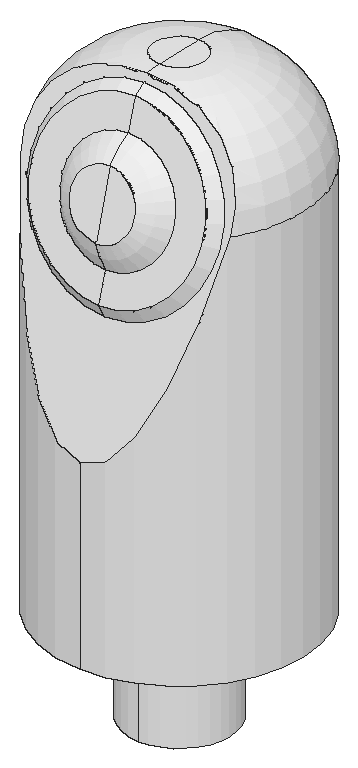
Revit family "PRD_FrankeWS_ShwrHds_MÜNCHENShowerHeadForWallConnection_SHMU0012", category Plumbing Fixtures, host Face, Revit 2018
Family settings
  Host = Face
  Round Connector Dimension = Use Diameter
  Part Type = Normal
  OmniClass Number = 23.45.05.14.17
  OmniClass Title = Showers
  Cut with Voids When Loaded = Yes
  Shared = Yes
  Room Calculation Point = No
Parameters (values of type "SHMU0012")
  WarrantyStartDate [instance] = "1900-12-31T23:59:59"
  WarrantyGuarantorParts = "n/a"
  WarrantyGuarantorLabor = "n/a"
  WarrantyDurationUnit = "year"
  WarrantyDurationParts = "n/a"
  WarrantyDurationLabor = "n/a"
  WarrantyDescription = "n/a"
  VolumeFlowRate = "n/a"
  Version = "1"
  Uniclass2015Version = "Products v1.23"
  Uniclass2015Title = "Shower heads"
  Uniclass2015Code = "Pr_40_20_87_76"
  URL = "www.kwc.com"
  TypeOfShowerHead = "Jet shower head"
  TypeOfConnection = "Wall connection"
  Type = "Shower head"
  TailorMade = "n/a"
  TagNumber [instance] = "n/a"
  SustainabilityPerformance = "n/a"
  SpoutProjection = "n/a"
  SoundInsulation = "n/a"
  Size = "n/a"
  ShowerType = "Individual"
  ShowerMaterial = PRD_AR_ChromatedBrass_HighPolished
  ShowerHeadDescription = "Jet shower head"
  Shape = "n/a"
  SerialNumber [instance] = "n/a"
  Revision = "n/a"
  ReplacementCost = "n/a"
  ProductInformation = "https://pim.kwc.com/product/2030055723/attachment/datasheet?locale=en"
  ProductCode = "210.0588.386"
  NominalWidth = 50.00 mm
  NominalHeight = 50.00 mm
  NominalDepth = 0.00 mm
  NetWeight = 1.30 kg
  Name = "MÜNCHEN shower head for wall connection SHMU0012"
  NBSTypeID = "n/a"
  NBSReference = "45-35-70/333"
  NBSOfficeMasterTag = "n/a"
  NBSNote = "n/a"
  NBSDescription = "Shower heads"
  NBSCertification = "n/a"
  ModelReference = "SHMU0012"
  ModelNumber = "2030055723"
  Model = ModelReference  # "SHMU0012"
  MinimumFlowPressure = "n/a"
  Material = "brass"
  ManufacturerURL = "www.kwc.com"
  ManufacturerName = "KWC Group AG"  # constant formula
  Manufacturer = ManufacturerName  # "KWC Group AG"
  IntegralAccessories = "n/a"
  InstallationDate [instance] = "1900-12-31T23:59:59"
  InletSize = "DN 15"
  IfcExportType = "SHOWER"
  IfcExportAs = "IfcSanitaryTerminalType"
  HasTray = "FALSE"
  GrossWeight = 1.43 kg
  Grade = "n/a"
  Flow = 0.0 L/s
  Finish = "high-polished chromium-plated"
  Features = "flow regulator 9.0 l/min"
  ExpectedLife = "n/a"
  DurationUnit = "year"
  DrainSize = 15.00 mm
  DiameterNominal = 15.00 mm
  Description = "MÜNCHEN DN 15 shower head with shower jet continuously adjustable between 9–21°, for wall connector with insertable connecting nozzle, diameter 26 mm. High-polished chrome-plated brass housing with integrated flow regulator 9.0 l/min."
  Default Elevation = 2000.00 mm
  CreatedOn = "04/2022"  # constant formula
  Constituents = "n/a"
  Color = "n/a"
  CodePerformance = "n/a"
  Category = "Pr_40_20_87_76, Shower heads"
  BarCode [instance] = "n/a"
  BIMObjectName = "PRD_AR_ShowerHeads_MÜNCHENShowerHeadForWallConnection_SHMU0012"
  Author = "Archispace"  # constant formula
  AssetType = "Fixed"
  AssetIdentifier [instance] = "n/a"
  AdjustableTiltAngle = "Yes"
  AccessibilityPerformance = "n/a"
Reference planes
  plane 1 "Center (Front/Back)": y = 0
  plane 2: z = 0
  plane 3 "Center (Left/Right)": x = 0
Forms (mm)
  Revolve 1, solid, material "PRD_AR_ChromatedBrass_HighPolished" <- "ShowerMaterial", detail levels fine
    sketch origin (0, 0, 0) x (0, 1, 0) y (0, 0, 1)
      loop
        line (0, -19.5) -> (10.232, -19.5) -> (10.232, -2.478) -> (9.055, -1.3) -> (9.055, 0) -> (25, 0) -> (25, 80)
        arc (25, 80) -> (19.142, 94.142) -> (5, 100) r 20
        line (5, 100) -> (0, 100) -> (0, -19.5)
      axis (0, 100) -> (0, -19.5)
    angle from 0 to 360
  Extrusion 2, void
    sketch origin (0, 0, 0) x (0, 1, 0) y (0, 0, 1)
      loop
        line (-7.54, 102.173) -> (-26.297, 102.173) -> (-26.297, 32.173) -> (-7.54, 102.173)
    from -28.576 to 29.601
  Revolve 3, solid, material "PRD_AR_ChromatedBrass_HighPolished" <- "ShowerMaterial", detail levels fine
    sketch origin (0, 0, 0) x (0, 1, 0) y (0, 0, 1)
      loop
        line (-11.027, 96.888) -> (-12.607, 90.991)
        arc (-12.607, 90.991) -> (-15.269, 89.385) -> (-17.54, 87.261) r 14.9
        line (-17.54, 87.261) -> (-19.227, 80.968) -> (-13.624, 79.467) -> (-8.577, 98.302) -> (-11.027, 96.888)
      axis (-13.624, 79.467) -> (-19.227, 80.968)
    angle from 0 to 360
  Revolve 4, solid, material "PRD_AR_ChromatedBrass_HighPolished" <- "ShowerMaterial", detail levels medium
    sketch origin (0, 0, 0) x (0, 1, 0) y (0, 0, 1)
      loop
        line (0, 0) -> (25, 0) -> (25, 80)
        arc (25, 80) -> (19.142, 94.142) -> (5, 100) r 20
        line (5, 100) -> (0, 100) -> (0, 0)
      axis (0, 100) -> (0, 0)
    angle from 0 to 360
  Extrusion 5, solid, material "PRD_AR_ChromatedBrass_HighPolished" <- "ShowerMaterial", detail levels coarse
    sketch origin (0, 0, 42.5) x (0, 1, 0) y (-1, 0, 0)
      loop
        circle (0, 0) r 25
    from -42.5 to 57.5
  Revolve 6, solid, material "PRD_AR_ChromatedBrass_HighPolished" <- "ShowerMaterial", detail levels coarse+medium
    sketch origin (0, 0, 0) x (0, 1, 0) y (0, 0, 1)
      loop
        line (0, 0) -> (0, -19.5) -> (10.232, -19.5) -> (10.232, 0) -> (0, 0)
      axis (0, 0) -> (0, -19.5)
    angle from 0 to 360
  Revolve 7, void
    sketch origin (0, 0, 0) x (0, 1, 0) y (0, 0, 1)
      loop
        line (0, 0) -> (0, -19.5) -> (10.232, -19.5) -> (10.232, 0) -> (0, 0)
      axis (0, 0) -> (0, -19.5)
    angle from 0 to 360
Cuts and joins
  Extrusion 2 cuts Revolve 1
Dimensions and locks
  aligned and locked: plane 2 to host face
  aligned and locked: level to host face
Connectors
  piping at (0, 0, -19.5), diameter 15, driven by "DiameterNominal", driven by "Flow", driven by "InletSize"
    settings: on cut or joined group of Revolve 1, Extrusion 2, index 1, connector inside diameter 609.60 mm, connector length 0.00 mm, flow factor 0, pipe flow 0.0 L/s, pressure drop 0.0 Pa, fitting loss kfactor 0, connector angle 0.00°, fixture units 0, engagement length 0.00 mm, angle of deflection 0.00°, flow configuration 2, flow direction 1, fitting loss method 0, system type 7, joint type 0, gender type 0, connector reference index -1, connector utility 0, adjustable connector no, is connector primary yes, connector description "DN 15"
